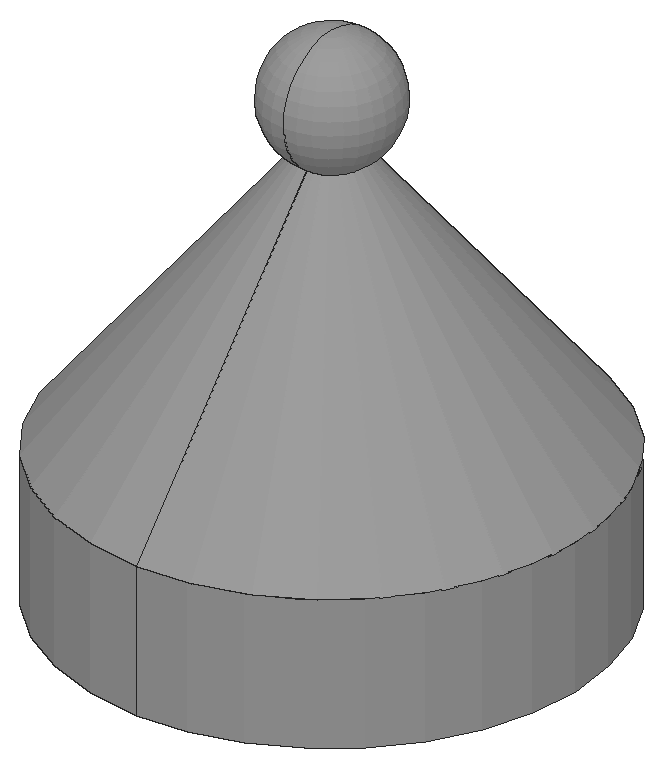
Revit family
Reference planes (in)
  plane 1 "Center (Front/Back)": y = 0
  plane 2: z = 0
  plane 3 "Center (Left/Right)": x = 0
Forms (in)
  Revolve 1, solid, material "Default"
    sketch origin (0, 0, 0) x (0, 1, 0) y (0, 0, 1)
      loop
        arc (0.65813, -1.06272) -> (1.20227, 0.34213) -> (0, 1.25) r 1.25
        line (0, 1.25) -> (0, -9.21717) -> (5.03456, -9.21717) -> (5.03456, -6.46717) -> (0.65813, -1.06272)
      axis (0, -9.21717) -> (0, 1.25)
    angle from 0 to 360
